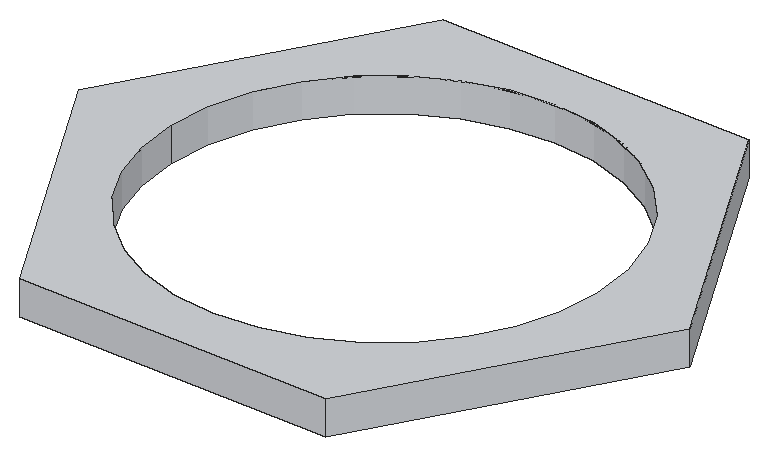
Revit family "LN5B", category Generic Models, Revit 2017
Family settings
  Can host rebar = No
  Round Connector Dimension = Use Diameter
  Part Type = Normal
  Work Plane-Based = Yes
  Always vertical = No
  Cut with Voids When Loaded = No
  Shared = No
  Room Calculation Point = No
Parameters (values of type "NBS Standard Parameters")
  Weight = "0.0524Kg"
  WarrantyStartDate [instance] = "1900-12-31T23:59:59"
  WarrantyGuarantorParts = "n/a"
  WarrantyGuarantorLabor = "n/a"
  WarrantyDurationUnit = "1 year"
  WarrantyDurationParts = "n/a"
  WarrantyDurationLabor = "n/a"
  WarrantyDescription = "n/a"
  Version = "1"
  Uniclass2 = "Pr_65_70_11_20"
  TagNumber [instance] = "n/a"
  SustainabilityPerformance = "n/a"
  Size = "2\""
  Shape = "Hexagon"
  SerialNumber [instance] = "n/a"
  Revision = "n/a"
  ReplacementCost = "n/a"
  ProductInformation = "www.metpro.co.uk/pdf/LN5G.pdf"
  NominalWidth = 62 mm
  NominalLength = 62 mm
  NominalHeight = 4 mm
  Name = ""
  NBSTypeID = ""
  NBSReference = "90-55-10/460"
  NBSOfficeMasterTag = ""
  NBSNote = ""
  NBSDescription = "Conduit Fittings"
  NBSCertification = ""
  ModelReference = "LN5B"
  ModelNumber = "n/a"
  Material = "Steel"
  ManufacturerURL = "www.metpro.co.uk"
  ManufacturerName = "Metpro Ltd"
  Keynote = "Compliant to LU Standard 1-085"
  InstallationDate [instance] = "1900-12-31T23:59:59"
  IfcExportType = ""
  IfcExportAs = ""
  Grade = "n/a"
  Finish = "Black"
  Features = "n/a"
  ExpectedLife = "n/a"
  DurationUnit = "year"
  Description = "LN5B 2\" Lock Nut -Light Pattern"
  Default Elevation = 1219.2 mm
  Constituents = "n/a"
  Color = "n/a"
  CodePerformance = "n/a"
  Category = "n/a"
  BarCode [instance] = "n/a"
  BIMObjectName = "Metpro_Metprolibrary_Conduitfittings_Metalcomponents_Steelaccessories"
  Author = "Metpro Ltd"
  AssetType = ""
  AssetIdentifier [instance] = "n/a"
  AccessibilityPerformance = "n/a"
Reference planes
  plane 1 "Center (Front/Back)": y = 0
  plane 2: z = 0
  plane 3 "Center (Left/Right)": x = 0
Forms (mm)
  Extrusion 1, solid
    sketch origin (0, 0, 0) x (1, 0, 0) y (0, 1, 0)
      loop
        circle (10.04, 13.158) r 25
      loop
        line (-7.823, 44.098) -> (-25.686, 13.158) -> (-7.823, -17.782) -> (27.903, -17.782) -> (45.766, 13.158) -> (27.903, 44.098) -> (-7.823, 44.098)
    from 0 to 4
Dimensions and locks
  aligned and locked: level to plane 2
